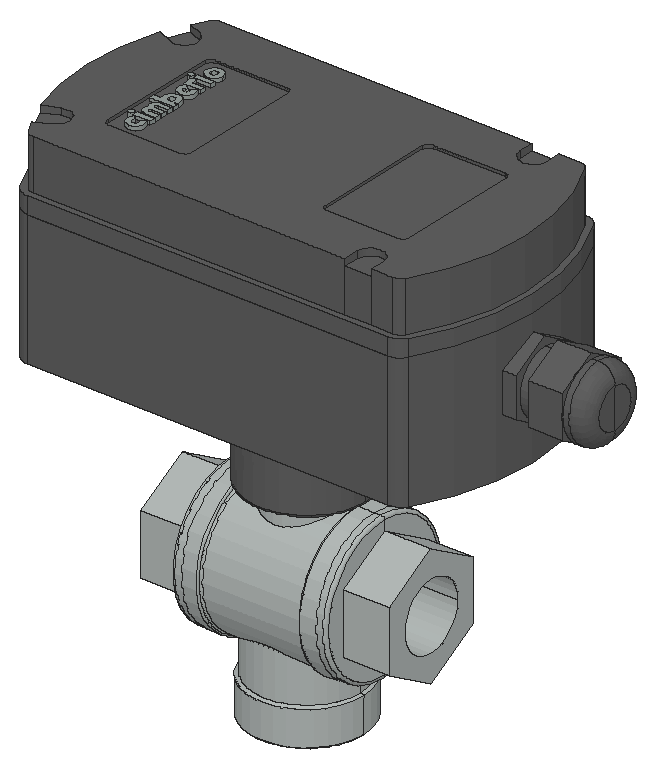
Revit family "QD34010000", category Apparecchi idraulici, Revit 2020
Family settings
  Quota connettore circolare = Usa diametro
  Tipo di parte = Normale
  Numero OmniClass = 23.45.00.00
  Titolo OmniClass = Sanitary, Laundry, and Cleaning Equipment
  Basato su piano di lavoro = No
  Sempre verticale = Sì
  Taglio con vuoti quando caricato = No
  Condiviso = No
  Punto di calcolo locali = No
Parameters
  URL = "https://web.cimberio.it/index.php/figura/631?subcategoria_id=74926"
  Temperatura di esercizio = "-20 ÷ 150°C"
  Prospetto di default = 0 mm
  Produttore = "CIMBERIO SPA"
  Pressione nominale = "PN 40"
  Modello = "Cim 710RE"
  Materiale = "Prodotto in lega di ottone conforme alla norma EN 12165-CW617N-DW"
  Descrizione = "Utilizzato nei più svariati settori dell'impiantistica: impianti di riscaldamento, condizionamento, idrici, igienico-sanitari, aria compressa e in generale con ogni fluido non corrosivo.\r\nParticolarmente indicato come valvola di zona per la regolazione e contabilizzazione di impianti di riscaldamento singoli o a zone, impianti con utilizzazione di energie alternative, impianti con fluidi caldi o freddi e impianti di automazione in genere."
  DN Model [instance] = QD34011020 : QD34011020
  DN [instance] = 20 mm
  Commenti sul tipo = "Realizzato in ottemperanza ai requisiti gestionali della norma EN ISO 9001.\r\nCollaudato al 100% secondo la normativa EN 12266-1."
Reference planes
  plane 1 "Centro (Fronte/Retro)": y = 0
  plane 2: z = 0
  plane 3 "Centro (Sinistra/Destra)": x = 0
Dimensions and locks
  aligned and locked: level to plane 2
Nested families
  nested 1: "QD34011020" at (0, 0, 0), type <- "DN Model", type "QD34011020"
  nested 2: "QD34011020" at (0, 0, 0), type <- "DN Model", type "QD34011020"
  nested 3: "QD34011020" at (0, 0, 0), type <- "DN Model", type "QD34011020"
  nested 4: "QD34011020" at (0, 0, 0), type <- "DN Model", type "QD34011020"
  nested 5: "QD34011020" at (0, 0, 0), type <- "DN Model", type "QD34011020"
  nested 6: "QD34011020" at (0, 0, 0), type <- "DN Model", type "QD34011020"
  nested 7: "QD34011020" at (0, 0, 0), type <- "DN Model", type "QD34011020"
  nested 8: "QD34011020" at (0, 0, 0), type <- "DN Model", type "QD34011020"
  nested 9: "QD34011020" at (0, 0, 0), type <- "DN Model", type "QD34011020"
  nested 10: "QD34011020" at (0, 0, 0), type <- "DN Model", type "QD34011020"
Connectors
  piping at (37.104, 0, 0), diameter 20, driven by "DN"
    settings: on nested 1, index 1, connector inside diameter 609.6 mm, connector length 0 mm, flow factor 0, pipe flow 0.0 L/s, pressure drop 0.0 Pa, fitting loss kfactor 0, connector angle 0.00°, fixture units 0, engagement length 0 mm, angle of deflection 0.00°, flow configuration 0, flow direction 0, fitting loss method 0, system type 7, joint type 0, gender type 0, connector reference index -1, connector utility 0, adjustable connector no, is connector primary yes, connector description ""
  piping at (-37.104, 0, 0), diameter 20, driven by "DN"
    settings: on nested 1, index 2, connector inside diameter 609.6 mm, connector length 0 mm, flow factor 0, pipe flow 0.0 L/s, pressure drop 0.0 Pa, fitting loss kfactor 0, connector angle 0.00°, fixture units 0, engagement length 0 mm, angle of deflection 0.00°, flow configuration 0, flow direction 0, fitting loss method 0, system type 7, joint type 0, gender type 0, connector reference index -1, connector utility 0, adjustable connector no, is connector primary no, connector description ""
  piping at (0, 0, -39.2), diameter 20, driven by "DN"
    settings: on nested 1, index 3, connector inside diameter 609.6 mm, connector length 0 mm, flow factor 0, pipe flow 0.0 L/s, pressure drop 0.0 Pa, fitting loss kfactor 0, connector angle 0.00°, fixture units 0, engagement length 0 mm, angle of deflection 0.00°, flow configuration 0, flow direction 0, fitting loss method 0, system type 7, joint type 0, gender type 0, connector reference index -1, connector utility 0, adjustable connector no, is connector primary no, connector description ""
Definition of nested family "QD34011020"
  Parameters (values of type "QD34011020")
    URL = "https://web.cimberio.it/index.php/figura/394?subcategoria_id="
    Temperatura di esercizio = "-10 ÷ 95°C"
    Default Elevation = 0 mm
    Manufacturer = "CIMBERIO SPA"
    Pressione nominale = "PN 16"
    Model = "Cim 32"
    Materiale = "Prodotto in lega di ottone conforme alla norma EN 12165-CW617N-DW"
    Description = "Impiegato nei più svariati settori dell'impiantistica in condutture anti-ritorno per: reti di distribuzione acqua potabile, impianti di riscaldamento, condizionamento, igienico-sanitari e in generale con ogni fluido non corrosivo."
    DN [instance] = 50 mm
    Type Comments = "Realizzato in ottemperanza ai requisiti gestionali della norma EN ISO 9001.\r\nCollaudato al 100% secondo la normativa EN 12266-1"
  Reference planes
    plane 1 "Centro (Fronte/Retro)": y = 0
    plane 2: z = 0
    plane 3 "Centro (Sinistra/Destra)": x = 0
  Forms (mm)
    Revolve 1, solid
      sketch origin (0, 0, 0) x (1, 0, 0) y (0, 0, 1)
        loop
          line (11.504, 21.487) -> (11.504, 37.805) -> (0, 37.805) -> (0, 8.315) -> (12.31, 8.315) -> (12.31, 20.681)
          arc (12.31, 20.681) -> (11.74, 20.917) -> (11.504, 21.487) r 0.806
        axis (0, 37.805) -> (0, 8.315)
      angle from 0 to 360
    Extrusion 2, solid
      sketch origin (0, 0, 6.5) x (1, 0, 0) y (0, 0, 1)
        loop
          line (-16, 34.091) -> (-16, 17.197) -> (-11, 17.197) -> (-11, 34.091) -> (-16, 34.091)
      from -0.812 to 0.713
    Revolve 3, solid
      sketch origin (0, 0, 0) x (1, 0, 0) y (0, 0, 1)
        loop
          line (0, 51.8) -> (0, 36.671) -> (3.652, 36.671) -> (3.652, 23.3) -> (16.983, 23.3)
          arc (16.983, 23.3) -> (17.427, 23.419) -> (17.69, 23.796) r 0.672
          line (17.69, 23.796) -> (17.955, 46.8) -> (19, 46.8)
          arc (19, 46.8) -> (19.707, 47.093) -> (20, 47.8) r 1
          line (20, 47.8) -> (20, 51.8) -> (0, 51.8)
        axis (0, 51.8) -> (0, 23.3)
      angle from 0 to 360
    Extrusion 4, solid
      sketch origin (0, 0, 0) x (1, 0, 0) y (0, 1, 0)
        loop
          arc (-53.687, 37) -> (-56.156, 36.347) -> (-57.982, 34.56) r 5
          arc (-57.982, 34.56) -> (-67.5, 0) -> (-57.982, -34.56) r 67.5
          arc (-57.982, -34.56) -> (-56.156, -36.347) -> (-53.687, -37) r 5
          line (-53.687, -37) -> (53.687, -37)
          arc (53.687, -37) -> (56.156, -36.347) -> (57.982, -34.56) r 5
          arc (57.982, -34.56) -> (67.5, 0) -> (57.982, 34.56) r 67.5
          arc (57.982, 34.56) -> (56.156, 36.347) -> (53.687, 37) r 5
          line (53.687, 37) -> (-53.687, 37)
      from 51.8 to 91.8
    Extrusion 5, solid
      sketch origin (0, 0, 40) x (1, 0, 0) y (0, 1, 0)
        loop
          arc (-53.687, 37) -> (-56.156, 36.347) -> (-57.982, 34.56) r 5
          arc (-57.982, 34.56) -> (-67.5, 0) -> (-57.982, -34.56) r 67.5
          arc (-57.982, -34.56) -> (-56.156, -36.347) -> (-53.687, -37) r 5
          line (-53.687, -37) -> (53.687, -37)
          arc (53.687, -37) -> (56.156, -36.347) -> (57.982, -34.56) r 5
          arc (57.982, -34.56) -> (67.5, 0) -> (57.982, 34.56) r 67.5
          arc (57.982, 34.56) -> (56.156, 36.347) -> (53.687, 37) r 5
          line (53.687, 37) -> (-53.687, 37)
      from 51.8 to 56.8
    Extrusion 6, solid
      sketch origin (0, 0, 0) x (1, 0, 0) y (0, 1, 0)
        loop
          arc (-53.687, 35) -> (-55.168, 34.608) -> (-56.264, 33.536) r 3
          arc (-56.264, 33.536) -> (-57.395, 31.561) -> (-58.457, 29.547) r 65.5
          arc (-58.457, 29.547) -> (-60.152, 25.922) -> (-61.623, 22.2) r 65.5
          arc (-61.623, 22.2) -> (-65.5, 0) -> (-61.623, -22.2) r 65.5
          arc (-61.623, -22.2) -> (-60.152, -25.922) -> (-58.457, -29.547) r 65.5
          arc (-58.457, -29.547) -> (-57.395, -31.561) -> (-56.264, -33.536) r 65.5
          arc (-56.264, -33.536) -> (-55.168, -34.608) -> (-53.687, -35) r 3
          line (-53.687, -35) -> (39.293, -35) -> (47.293, -35) -> (53.687, -35)
          arc (53.687, -35) -> (55.168, -34.608) -> (56.264, -33.536) r 3
          arc (56.264, -33.536) -> (65.5, 0) -> (56.264, 33.536) r 65.5
          arc (56.264, 33.536) -> (55.168, 34.608) -> (53.687, 35) r 3
          line (53.687, 35) -> (47.293, 35) -> (39.293, 35) -> (-53.687, 35)
      from 96.8 to 111.8
    Extrusion 7, solid
      sketch origin (0, 0, 74.844) x (0, 1, 0) y (0, 0, 1)
        loop
          line (0, 11.95) -> (-10.349, 5.975) -> (-10.349, -5.975) -> (0, -11.95) -> (10.349, -5.975) -> (10.349, 5.975) -> (0, 11.95)
      from 53.687 to 71
    Revolve 8, solid
      sketch origin (0, 0, 0) x (1, 0, 0) y (0, 0, 1)
        loop
          line (71, 84.3) -> (71, 79.687) -> (75, 79.687) -> (75, 84.3) -> (71, 84.3)
        axis (71, 74.844) -> (75, 74.844)
      angle from 0 to 360
    Extrusion 9, solid
      sketch origin (0, 0, 0) x (0, 1, 0) y (0, 0, 1)
        loop
          line (0, 87.344) -> (-10.825, 81.094) -> (-10.825, 68.594) -> (0, 62.344) -> (10.825, 68.594) -> (10.825, 81.094) -> (0, 87.344)
      from 75 to 85
    Revolve 10, solid
      sketch origin (0, 0, 0) x (1, 0, 0) y (0, 0, 1)
        loop
          line (92, 74.844) -> (92, 80.8)
          arc (92, 80.8) -> (90.535, 84.336) -> (86.998, 85.8) r 5
          line (86.998, 85.8) -> (85, 85.8) -> (85, 74.844) -> (92, 74.844)
        axis (85, 74.844) -> (92, 74.844)
      angle from 0 to 360
    Extrusion 11, void
      sketch origin (0, 0, 0) x (1, 0, 0) y (0, 1, 0)
        loop
          arc (-57.295, 20.329) -> (-52.036, 22.412) -> (-54.12, 27.671) r 4
          line (-54.12, 27.671) -> (-59.289, 29.907) -> (-62.465, 22.564) -> (-57.295, 20.329)
        loop
          arc (-54.12, -27.671) -> (-52.036, -22.412) -> (-57.295, -20.329) r 4
          line (-57.295, -20.329) -> (-62.083, -22.399) -> (-58.908, -29.742) -> (-54.12, -27.671)
        loop
          arc (39.293, 30.5) -> (43.293, 26.5) -> (47.293, 30.5) r 4
          line (47.293, 30.5) -> (47.293, 35.946) -> (39.293, 35.946) -> (39.293, 30.5)
        loop
          line (39.293, -30.43) -> (39.293, -35) -> (47.293, -35) -> (47.293, -30.5)
          arc (47.293, -30.5) -> (43.293, -26.5) -> (39.293, -30.5) r 4
      from 109.8 to 117.274
    Extrusion 12, void
      sketch origin (0, 0, 0) x (1, 0, 0) y (0, 1, 0)
        loop
          line (-21.999, 20) -> (-43.001, 20)
          arc (-43.001, 20) -> (-44.415, 19.414) -> (-45, 18) r 2
          line (-45, 18) -> (-45, -18)
          arc (-45, -18) -> (-44.414, -19.415) -> (-42.999, -20) r 2
          line (-42.999, -20) -> (-21.999, -20)
          arc (-21.999, -20) -> (-20.585, -19.414) -> (-20, -18) r 2
          line (-20, -18) -> (-20, 18)
          arc (-20, 18) -> (-20.585, 19.414) -> (-21.999, 20) r 2
        loop
          arc (22.001, 20) -> (20.586, 19.415) -> (20, 18) r 2
          line (20, 18) -> (20, -18)
          arc (20, -18) -> (20.586, -19.415) -> (22.001, -20) r 2
          line (22.001, -20) -> (43.001, -20)
          arc (43.001, -20) -> (44.415, -19.414) -> (45, -18) r 2
          line (45, -18) -> (45, 18)
          arc (45, 18) -> (44.415, 19.414) -> (43.001, 20) r 2
          line (43.001, 20) -> (22.001, 20)
      from 111.039 to 121
    Extrusion 13, solid
      sketch origin (0, 0, 111.039) x (1, 0, 0) y (0, 1, 0)
        loop
          arc (-41.222, -13.089) -> (-39.283, -17.248) -> (-37.344, -13.089) r 2.531
          line (-37.344, -13.089) -> (-38.507, -14.066)
          arc (-38.507, -14.066) -> (-39.283, -15.729) -> (-40.058, -14.066) r 1.013
          line (-40.058, -14.066) -> (-41.222, -13.089)
        loop
          line (-36.751, -12.583) -> (-36.751, -11.064) -> (-41.814, -11.064) -> (-41.814, -12.583) -> (-36.751, -12.583)
        loop
          circle (-43.08, -11.824) r 0.861
        loop
          line (-36.751, -9.039) -> (-39.89, -9.039)
          arc (-39.89, -9.039) -> (-40.295, -8.634) -> (-39.89, -8.229) r 0.405
          line (-39.89, -8.229) -> (-36.751, -8.229) -> (-36.751, -6.711) -> (-39.89, -6.711)
          arc (-39.89, -6.711) -> (-40.295, -6.306) -> (-39.89, -5.901) r 0.405
          line (-39.89, -5.901) -> (-36.751, -5.901) -> (-36.751, -4.382) -> (-39.89, -4.382)
          arc (-39.89, -4.382) -> (-41.614, -5.451) -> (-41.422, -7.47) r 1.924
          arc (-41.422, -7.47) -> (-41.614, -9.489) -> (-39.89, -10.558) r 1.924
          line (-39.89, -10.558) -> (-36.751, -10.558) -> (-36.751, -9.039)
        loop
          line (-43.839, -3.876) -> (-36.751, -3.876) -> (-36.751, -2.357) -> (-37.544, -2.357) -> (-36.841, -2.013)
          arc (-36.841, -2.013) -> (-39.465, 1.18) -> (-41.603, -2.357) r 2.531
          line (-41.603, -2.357) -> (-43.839, -2.357) -> (-43.839, -3.876)
        loop
          circle (-39.283, -1.344) r 1.012
        loop
          arc (-41.013, 6.072) -> (-39.435, 1.698) -> (-37.344, 5.851) r 2.531
          line (-37.344, 5.851) -> (-38.507, 4.875)
          arc (-38.507, 4.875) -> (-38.282, 4.378) -> (-38.348, 3.836) r 1.013
          line (-38.348, 3.836) -> (-41.013, 6.072)
        loop
          line (-38.738, 3.371) -> (-40.218, 4.612)
          arc (-40.218, 4.612) -> (-39.934, 3.449) -> (-38.738, 3.371) r 1.013
        loop
          line (-36.751, 6.358) -> (-36.751, 7.876) -> (-40.426, 7.876)
          arc (-40.426, 7.876) -> (-41.131, 9.395) -> (-41.814, 7.867) r 0.92
          line (-41.814, 7.867) -> (-41.814, 6.358) -> (-36.751, 6.358)
        loop
          line (-36.751, 9.901) -> (-36.751, 11.42) -> (-41.814, 11.42) -> (-41.814, 9.901) -> (-36.751, 9.901)
        loop
          circle (-43.08, 10.661) r 0.861
        loop
          circle (-39.283, 14.458) r 2.531
        loop
          circle (-39.283, 14.458) r 1.012
      from 0 to 1
    Revolve 14, solid
      sketch origin (0, 0, 0) x (1, 0, 0) y (0, 0, 1)
        loop
          line (-23.1, -10) -> (-23.1, -20.75)
          arc (-23.1, -20.75) -> (-22.807, -21.458) -> (-22.099, -21.75) r 1
          line (-22.099, -21.75) -> (-20.1, -21.75) -> (-15.5, -22)
          arc (-15.5, -22) -> (-15.146, -21.854) -> (-15, -21.5) r 0.5
          arc (-15, -21.5) -> (-14.854, -21.146) -> (-14.5, -21) r 0.5
          line (-14.5, -21) -> (14.5, -21)
          arc (14.5, -21) -> (14.854, -21.146) -> (15, -21.5) r 0.5
          arc (15, -21.5) -> (15.146, -21.854) -> (15.5, -22) r 0.5
          line (15.5, -22) -> (20.1, -21.75) -> (22.101, -21.75)
          arc (22.101, -21.75) -> (22.808, -21.457) -> (23.1, -20.75) r 1
          line (23.1, -20.75) -> (23.1, -10) -> (-23.1, -10)
        axis (-23.1, 0) -> (23.1, 0)
      angle from 0 to 360
    Extrusion 15, solid
      sketch origin (0, 0, 0) x (0, 1, 0) y (0, 0, 1)
        loop
          circle (0, 0) r 10
        loop
          line (0, 18) -> (-15.588, 9) -> (-15.588, -9) -> (0, -18) -> (15.588, -9) -> (15.588, 9) -> (0, 18)
      from -37.104 to -23.1
    Revolve 16, solid
      sketch origin (0, 0, 3.4) x (0, 0, -1) y (1, 0, 0)
        loop
          line (13.382, -15.958) -> (31.296, -15.958) -> (31.9, -17.004) -> (42.1, -17.004) -> (42.6, -16.387) -> (42.6, -10) -> (13.382, -10) -> (13.382, -15.958)
        axis (13.382, 0) -> (42.6, 0)
      angle from 0 to 360
    Extrusion 17, solid
      sketch origin (0, 0, 0) x (0, 1, 0) y (0, 0, -1)
        loop
          circle (0, 0) r 10
        loop
          line (0, -18) -> (15.588, -9) -> (15.588, 9) -> (0, 18) -> (-15.588, 9) -> (-15.588, -9) -> (0, -18)
      from -37.104 to -23.1
  Cuts and joins
    Extrusion 11 cuts Extrusion 4
    Extrusion 11 cuts Extrusion 5
    Extrusion 11, Extrusion 12 cuts Extrusion 6
  Dimensions and locks
    aligned and locked: level to plane 2
